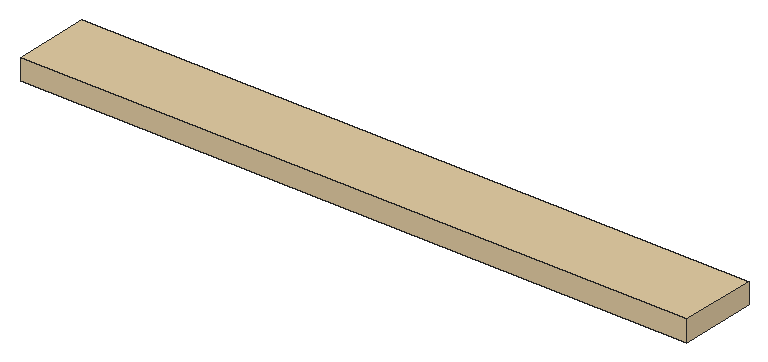
Revit family "PLATES", category Structural Framing, Revit 2020
Family settings
  Structural Framing Length Roundoff = 0' - 0"
  Section Shape = Not Defined
  Material for Model Behavior = Wood
  Always export as geometry = No
  OmniClass Number = 23.25.30.11.14.14
  OmniClass Title = Beams
  Always vertical = Yes
  Cut with Voids When Loaded = No
  Symbolic Representation = From Project Settings
  Shared = No
  Show family pre-cut in plan views = Yes
Parameters (values of type "2x6")
  Structural Material [instance] = Softwood, Lumber
  A = 8.25 in²
  Assembly Code = "B10"
  Length [instance] = 5' - 0"
  b = 0' - 5 1/2"
  d = 0' - 1 1/2"
Types (2): name | A | b
  2x6 | 8.25 in² | 0' - 5 1/2"
  2x4 | 5.25 in² | 0' - 3 1/2"
Reference planes (in)
  plane 1 "Center (Front/Back)": y = 0
  plane 2: z = 0
  plane 3 "Center (Left/Right)": x = 0.1815
  plane 4 "Member Left": x = -23.8185
  plane 5 "Member Right": x = 24.1815
  plane 6: y = 2.75
  plane 7: y = -2.75
  plane 8: z = 0.75
  plane 9: z = -0.75
  plane 10 "Left": x = -29.8185
  plane 11 "Stick Symbol Left": x = -17.8185
  plane 12 "Stick Symbol Right": x = 18.1815
  plane 13 "Right": x = 30.1815
Forms (in)
  Sweep 1, solid, material "Softwood, Lumber" <- "Structural Material", detail levels medium+fine
    path origin (0, 0, 0) x (1, 0, 0) y (0, 1, 0)
      loop
        line (24.1815, 0) -> (-23.8185, 0)
    profile "Rectangular Wood Beam-Profile : Rectangular Wood Beam-Profile" origin (0.1815, 0, 0) x (0, -1, 0) y (0, 0, 1)
      loop
        line (-2.75, -0.75) -> (2.75, -0.75) -> (2.75, 0.75) -> (-2.75, 0.75) -> (-2.75, -0.75)
Lines and regions (in)
  symbolic lines, style "Stick Symbols", detail levels coarse
    curve 1: line (0.1815, 2.75, 0.75) -> (0.1815, -2.75, 0.75)
    curve 2: line (0.1815, -2.75, -0.75) -> (0.1815, 2.75, -0.75)
    curve 3: line (0.1815, -2.75, 0.75) -> (0.1815, -2.75, -0.75)
    curve 4: line (0.1815, 2.75, -0.75) -> (0.1815, 2.75, 0.75)
Dimensions and locks (in)
  "b": plane 6 to plane 7
  "d": plane 9 to plane 8
  equal spacing: plane 9, plane 2, plane 8
  equal spacing: plane 6, plane 1 "Center (Front/Back)", plane 7
  "Length": plane 10 "Left" to plane 13 "Right"
  aligned and locked: Sweep 1 sketch curve to plane 1 "Center (Front/Back)"
  aligned and locked: curve 1 to Sweep 1
  aligned and locked: curve 2 to Sweep 1
  aligned and locked: curve 3 to Sweep 1
  aligned and locked: curve 4 to Sweep 1
  aligned and locked: plane 4 "Member Left" to Sweep 1 sketch curve
  aligned and locked: plane 5 "Member Right" to Sweep 1 sketch curve
